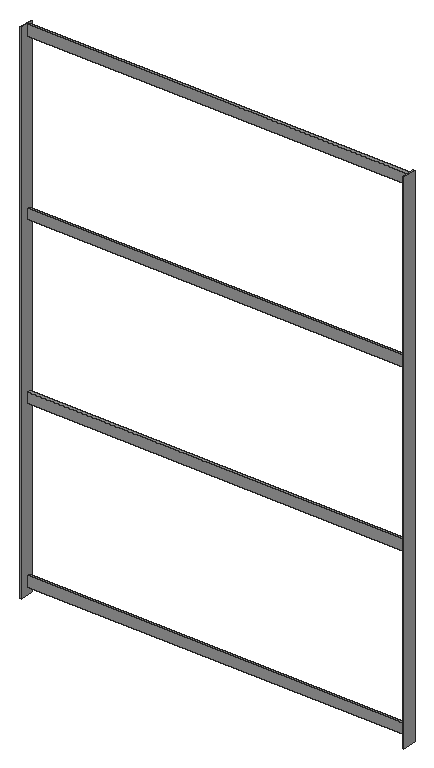
Revit family "LV_CurtainWallB", category Curtain Panels, Revit 2014
Parameters
  LV_SupportLPanC = 100 mm
  LV_SuppWPanC = 10 mm
  LV_MaterialSupp = Zinc
  LV_LengtElement [instance] = C_Assi_Length - 2 * LV_SuppWPanC  # 2980 mm
  LV_ElementCNumb [instance] = 4
  C_LV_Hight_CW [instance] = 80 mm
  C_Assi_Width [instance] = 20 mm
  C_Assi_Length [instance] = 3000 mm
Reference planes
  plane 1 "Center (Front/Back)": y = 0
  plane 2: z = 0
  plane 3 "Center (Left/Right)": x = 0
  plane 4 "Left": x = -1500
  plane 5 "Right": x = 1500
  plane 6 "Top": z = 4000
  plane 7: x = 1490
  plane 8: x = -1490
  plane 9: y = 50
  plane 10: y = -50
  plane 11: y = 10
  plane 12: y = -10
Forms (mm)
  Extrusion 1, solid, material "Zinc" <- "LV_MaterialSupp"
    sketch origin (0, 0, 0) x (1, 0, 0) y (0, 1, 0)
      loop
        line (-1500, 50) -> (-1500, -50) -> (-1490, -50) -> (-1490, 50) -> (-1500, 50)
      loop
        line (1490, 50) -> (1490, -50) -> (1500, -50) -> (1500, 50) -> (1490, 50)
    from 0 to 4000
Text (mm)
  text "Exterior" at (-2351.972, 1416.179, 0), in view "Ref. Level"
  text "Exterior" at (0, 2290.741, 4406.713), in view "Left"
  text "Exterior" at (0, 1328.187, 4120.349), in view "Right"
Dimensions and locks
  equal spacing: plane 4 "Left", plane 3 "Center (Left/Right)", plane 5 "Right"
  equal spacing: plane 9, plane 1 "Center (Front/Back)", plane 10
  "LV_SuppWPanC": plane 4 "Left" to plane 8
  "LV_SuppWPanC": plane 7 to plane 5 "Right"
  "LV_SupportLPanC": plane 9 to plane 10
  "C_Assi_Length": plane 4 "Left" to plane 5 "Right"
  equal spacing: plane 11, plane 1 "Center (Front/Back)", plane 12
  "C_Assi_Width": plane 11 to plane 12
  equal spacing: group 1, group 3, group 4, group 2  (x3)
  aligned and locked: level to plane 2
  aligned and locked: Extrusion 1 sketch curve to plane 9  (x2)
  aligned and locked: Extrusion 1 sketch curve to plane 8
  aligned and locked: Extrusion 1 sketch curve to plane 4 "Left"
  aligned and locked: plane 10 to Extrusion 1 sketch curve  (x2)
  aligned and locked: plane 7 to Extrusion 1 sketch curve
  aligned and locked: plane 5 "Right" to Extrusion 1 sketch curve
  aligned and locked: Extrusion 1 to plane 6 "Top"
  aligned and locked: plane 1 "Center (Front/Back)" to nested 1
  aligned and locked: plane 7 to nested 1
  aligned and locked: nested 2 to plane 6 "Top"
Nested families
  nested 1: "LV-CwBaxis" at (0, 0, 60), LV-LengthCwBaxis <- "LV_LengtElement", LV-WidthCwBxis <- "C_Assi_Width", LV-HightCwBaxis <- "C_LV_Hight_CW", type "LV_DarkWood"
    with LV-WidthCwBxis 20 mm, LV-LengthCwBaxis 2980 mm, LV-HightCwBaxis 80 mm
  nested 2: "LV-CwBaxis" at (0, 0, 3920), LV-LengthCwBaxis <- "LV_LengtElement", LV-WidthCwBxis <- "C_Assi_Width", LV-HightCwBaxis <- "C_LV_Hight_CW", type "LV_DarkWood"
    with LV-WidthCwBxis 20 mm, LV-LengthCwBaxis 2980 mm, LV-HightCwBaxis 80 mm
  nested 3: "LV-CwBaxis" at (0, 0, 1346.667), LV-LengthCwBaxis <- "LV_LengtElement", LV-WidthCwBxis <- "C_Assi_Width", LV-HightCwBaxis <- "C_LV_Hight_CW", type "LV_DarkWood"
    with LV-WidthCwBxis 20 mm, LV-LengthCwBaxis 2980 mm, LV-HightCwBaxis 80 mm
  nested 4: "LV-CwBaxis" at (0, 0, 2633.333), LV-LengthCwBaxis <- "LV_LengtElement", LV-WidthCwBxis <- "C_Assi_Width", LV-HightCwBaxis <- "C_LV_Hight_CW", type "LV_DarkWood"
    with LV-WidthCwBxis 20 mm, LV-LengthCwBaxis 2980 mm, LV-HightCwBaxis 80 mm
Definition of nested family "LV-CwBaxis"
  Parameters (values of type "LV_DarkWood")
    LV_MaterialAxes = Teak
    LV-WidthCwBxis [instance] = 20 mm
    LV-LengthCwBaxis [instance] = 2212.006 mm
    LV-HightCwBaxis [instance] = 80 mm
  Types (2, lengths in mm): name | LV_MaterialAxes
    LV_DarkWood | Teak
    LV_LightWood | Maple
  Reference planes
    plane 1 "Center (Front/Back)": y = 0
    plane 2: z = 0
    plane 3 "Center (Left/Right)": x = 0
    plane 4: x = 1106.003
    plane 5: x = -1106.003
    plane 6: y = 20
    plane 7: z = 80
  Forms (mm)
    Extrusion 1, solid, material "Teak" <- "LV_MaterialAxes"
      sketch origin (0, 0, 0) x (1, 0, 0) y (0, 0, 1)
        loop
          line (-1106.003, 80) -> (-1106.003, 0) -> (1106.003, 0) -> (1106.003, 80) -> (-1106.003, 80)
      from -20 to 0
  Dimensions and locks
    equal spacing: plane 5, plane 3 "Center (Left/Right)", plane 4
    "LV-LengthCwBaxis": plane 5 to plane 4
    "LV-WidthCwBxis": plane 6 to plane 1 "Center (Front/Back)"
    "LV-HightCwBaxis": plane 7 to plane 2
    aligned and locked: level to plane 2
    aligned and locked: Extrusion 1 sketch curve to plane 7
    aligned and locked: plane 5 to Extrusion 1 sketch curve
    aligned and locked: level to Extrusion 1 sketch curve
    aligned and locked: Extrusion 1 sketch curve to plane 4
    aligned and locked: plane 6 to Extrusion 1
    aligned and locked: plane 1 "Center (Front/Back)" to Extrusion 1
